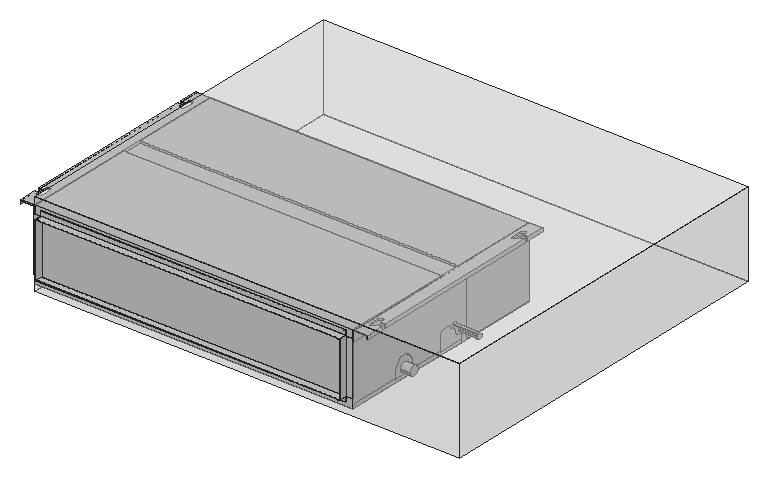
Revit family "outputfile", category 機械設備, Revit 2024
Family settings
  丸型コネクタ寸法 = 半径を使用
  パーツ タイプ = 標準
  OmniClass 番号 = 23.75.10.24.21.27.27
  OmniClass タイトル = Split System Air Conditioning Units
  作業面ベース = いいえ
  常に垂直 = はい
  ロード時にボイドで切り取り = いいえ
  注釈の向きを維持 = いいえ
  共有 = いいえ
  部屋計算ポイント = はい
Parameters (values of type "FDLF60DV1")
  Description = ""
  書き出し IFC クラス(タイプ) = "IfcUnitaryEquipmentType"
  定義済み IFC タイプ(タイプ) = "AIRCONDITIONINGUNIT"
  Cost = 0
  Type Comments = ""
  Keynote = ""
  Type Image = (empty or 0)
  Assembly Code = ""
  switch_frequency = yes
  ld_powersupply = Depth / 2  # 310 mm
  connector_voltage = Voltage_50Hz  # 230 V
  connector_powerinput = [Power Input (Cooling)]  # 0.000 kW
  connector_phase = Phase_50Hz  # 1
  angle_liquidpipe [instance] = if(Right Connection_refrigerant, 90.00°, 270.00°)  # 90.00°
  angle_gaspipe [instance] = if(Right Connection_refrigerant, 90.00°, 270.00°)  # 90.00°
  angle_drainpipe [instance] = if(Right Connection_refrigerant, 90.00°, 270.00°)  # 90.00°
  URL = ""
  Right Connection_refrigerant [instance] = yes
  製造元 = "Daikin"
  モデル = "FDLF60DV1"
  r_Liquid Pipe Size = Liquid Pipe Size / 2  # 3.2 mm
  r_Gas Pipe Size = Gas Pipe Size / 2  # 6.35 mm
  r_Drain Pipe Size = Drain Pipe Size / 2  # 12.5 mm
  lw_powersupply = 50 mm  # constant formula
  lw_ductflange2 = 803 mm
  lw_Width = 860 mm
  lh_suctionflange [instance] = 100 mm  # constant formula
  ld_suctionflange [instance] = if(Rear Connection_Return Air, 190.25 mm, 100.25 mm)  # 190.25 mm
  angle_vertical_RA [instance] = if(Rear Connection_Return Air, 90.00°, 0.00°)  # 90.00°
  angle horizontal_RA [instance] = if(Rear Connection_Return Air, 180.00°, 270.00°)  # 180.00°
  Voltage_comment_50Hz = "220 - 240"
  Voltage_50Hz = 230 V
  Supply Air Direction [instance] = yes
  Sound Power Level_H speed (dB) = 0
  Rear Connection_Return Air [instance] = not(Bottom Connection_Return Air)  # yes
  RA_length [instance] = if(Rear Connection_Return Air, 190.25 mm, 100 mm)  # 190.25 mm
  Phase_50Hz = 1
  Minimum External Static Pressure = 15.00 Pa
  Minimum Circuit Amps_50Hz = 0.0 A
  Maximum Fuse Amps_50Hz = 0.0 A
  Maximum External Static Pressure = 38.00 Pa
  Material_Casing = DAIKIN_GalvanizedSteel_Casing_indoorunit
  lw_liquidpipe = 521 mm
  lw_gaspipe = 508 mm
  lw_mountinghole = 940 mm
  lw_drainpipe = 480 mm
  lh_powersupply = 150 mm  # constant formula
  lh_liquidpipe = 138 mm  # constant formula
  lh_gaspipe = 160 mm  # constant formula
  lh_mountinghole = Height  # 200 mm
  lh_drainpipe = 170 mm  # constant formula
  lh_antena = 1 mm  # constant formula
  ld_liquidpipe = 353 mm  # constant formula
  ld_gaspipe = 375 mm  # constant formula
  ld_mountinghole = 500 mm  # constant formula
  ld_drainpipe = 178 mm  # constant formula
  ld_controlbox = 626 mm  # constant formula
  h*** = 0 mm  # constant formula
  d_dischargeflange = 21.2 mm  # constant formula
  Width = 900 mm
  Version = "ver.1.0"
  Unit Type = "L.S.P. Duct for Living Room"
  Unit Mass Weight = 28.00 kg
  Unit Designation [instance] = ""
  Uniclass2015Version = "Products v1.30"
  Uniclass2015Title = "Split coil room air conditioning units"
  Uniclass2015Code = "Pr_70_65_03_86"
  Total Cooling Capacity [instance] = 0.000 kW
  Sound Pressure Level_M speed (dBA) = 33
  Sound Pressure Level_L speed (dBA) = 30
  Sound Pressure Level_H speed (dBA) = 37
  Series = "SkyAir_Fan Coil Unit"
  Sensible Cooling Capacity [instance] = 0.000 kW
  SA Duct Size Width = 860 mm
  SA Duct Size Height = 153 mm
  Refrigerant Type = "R32"
  RA Duct Size Width = 761 mm
  RA Duct Size Height = 160 mm
  Power Input (Cooling) = 0.000 kW
  Option Accessory 3 [instance] = ""
  Option Accessory 2 [instance] = ""
  Option Accessory 1 [instance] = ""
  Nominal Cooling Capacity = 6.000 kW
  Minimum Airflow = 720.00 m³/h
  Median Airflow = 840.00 m³/h
  Maximum Airflow = 960.00 m³/h
  Load Classification = HVAC
  Liquid Pipe Size = 6.4 mm
  Link_Nested Family [instance] = ""
  Left Connection_refrigerant [instance] = not(Right Connection_refrigerant)  # no
  IfcVersion = ""
  IfcExportType = "AIRCONDITIONINGUNIT"
  IfcExportAs = "IfcUnitaryEquipmentType"
  Height = 200 mm
  Heat Exchanger Type = "Cross Fin Coil"
  Gas Pipe Size = 12.7 mm
  Frequency_50Hz = 50 Hz
  Fan Type = "Sirocco Fan"
  Fan Drive = "Direct Drive"
  FCU Tag No. [instance] = ""
  Drain Pipe Size = 25.0 mm
  Design Supply Airflow [instance] = 0.00 m³/h
  Design Return Airflow [instance] = 0.00 m³/h
  Design External Static Pressure [instance] = 0.00 Pa
  Depth = 620 mm
  既定の高さ = 0 mm
  Cooling Entering Wet Bulb Temperature [instance] = 0.00 °C
  Cooling Entering Dry Bulb Temperature [instance] = 0.00 °C
  Cooling Ambient Wet Bulb Temperature [instance] = 0.00 °C
  Cooling Ambient Dry Bulb Temperature [instance] = 0.00 °C
  Clearance visibility [instance] = yes
  Clearance Top = 20 mm
  Clearance Right = 300 mm
  Clearance Rear = 400 mm
  Clearance Left = 0 mm
  Clearance Front = 0 mm
  Clearance Bottom = 20 mm
  Bottom Connection_Return Air [instance] = no
Reference planes
  plane 1 "Center (Front/Back)": y = 0
  plane 2: z = 0
  plane 3 "Center (Left/Right)": x = 0
  plane 4 "Back": y = 310
  plane 5 "Front": y = -310
  plane 6 "Left": x = -450
  plane 7 "Right": x = 450
  plane 8 "Top": z = 0
  plane 9 "Bottom": z = -200
  plane 10: x = -470
  plane 11: x = 470
  plane 12: y = 250
  plane 13: z = 0
  plane 14 "Clearance Left": x = -450
  plane 15 "Clearance Right": x = 750
  plane 16 "Clearance Rear": y = 710
  plane 17 "Clearance Front": y = -310
  plane 18 "Clearance Top": z = 20
  plane 19 "Clearance Bottom": z = -220
  plane 20: y = -250
  plane 21: z = -21
  plane 22: z = -97.5
  plane 23: x = -48.5
  plane 24: y = 119.75
  plane 25: z = -100
  plane 26: y = 65
  plane 27: z = -160
  plane 28: y = 43
  plane 29: z = -138
  plane 30: y = -132
  plane 31: z = -170
  plane 32: x = 508
  plane 33: x = 521
  plane 34: x = 480
  plane 35: x = 400
  plane 36: z = -150
  plane 37: x = -480
  plane 38: x = -521
  plane 39: x = -508
Forms (mm)
  Extrusion 1, solid, material "DAIKIN_GalvanizedSteel_Casing_indoorunit" <- "Material_Casing"
    sketch origin (0, 0, 0) x (1, 0, 0) y (0, 1, 0)
      loop
        line (-450, -310) -> (450, -310) -> (450, 310) -> (-450, 310) -> (-450, -310)
    from -200 to 0
  Extrusion 2, void
    sketch origin (0, 0, 1) x (1, 0, 0) y (0, 1, 0)
      loop
        line (-450, 61.5) -> (-450, 3.5) -> (450, 3.5) -> (450, 61.5) -> (-450, 61.5)
    from -1 to -7
  Extrusion 3, solid, material "DAIKIN_GalvanizedSteel_Casing_indoorunit" <- "Material_Casing", visible <- "Bottom Connection_Return Air"
    sketch origin (0, 0, 0) x (1, 0, 0) y (0, 0, 1)
      loop
        line (352, -199.25) -> (352, -0.75) -> (-449, -0.75) -> (-449, -199.25) -> (352, -199.25)
    from -310 to -309
  Extrusion 4, solid, material "DAIKIN_GalvanizedSteel_Casing_indoorunit" <- "Material_Casing", visible <- "Rear Connection_Return Air"
    sketch origin (0, 0, 0) x (1, 0, 0) y (0, 1, 0)
      loop
        line (-449, 309) -> (-449, 110.5) -> (352, 110.5) -> (352, 309) -> (-449, 309)
    from -200 to -199
  Extrusion 5, solid, material "DAIKIN_GalvanizedSteel_Casing_indoorunit" <- "Material_Casing", visible <- "Right Connection_refrigerant"
    sketch origin (450, 0, 0) x (0, 1, 0) y (0, 0, 1)
      loop
        circle (65, -160) r 6.35
    from 0 to 58
  Extrusion 6, solid, material "DAIKIN_GalvanizedSteel_Casing_indoorunit" <- "Material_Casing", visible <- "Right Connection_refrigerant"
    sketch origin (450, 0, 0) x (0, 1, 0) y (0, 0, 1)
      loop
        circle (43, -138) r 3.2
    from 0 to 71
  Extrusion 7, solid, material "DAIKIN_GalvanizedSteel_Casing_indoorunit" <- "Material_Casing", visible <- "Right Connection_refrigerant"
    sketch origin (450, 0, 0) x (0, 1, 0) y (0, 0, 1)
      loop
        line (-310, -200) -> (70, -200) -> (70, -190) -> (-310, -190) -> (-310, -200)
    from 0 to -1
  Extrusion 8, solid, material "DAIKIN_GalvanizedSteel_Casing_indoorunit" <- "Material_Casing", visible <- "Right Connection_refrigerant"
    sketch origin (450, 0, 0) x (0, 1, 0) y (0, 0, 1)
      loop
        arc (96, -27.5) -> (93.879, -28.379) -> (93, -30.5) r 3
        line (93, -30.5) -> (93, -194.5)
        arc (93, -194.5) -> (93.879, -196.621) -> (96, -197.5) r 3
        line (96, -197.5) -> (310, -197.5) -> (310, -27.5) -> (96, -27.5)
    from 0 to -1
  Extrusion 9, solid, material "DAIKIN_GalvanizedSteel_Casing_indoorunit" <- "Material_Casing", visible <- "Right Connection_refrigerant"
    sketch origin (450, 0, 0) x (0, 1, 0) y (0, 0, 1)
      loop
        arc (-104, -170) -> (-132, -142) -> (-160, -170) r 28
        line (-160, -170) -> (-160, -190) -> (-104, -190) -> (-104, -170)
    from 0 to -1
  Extrusion 10, solid, material "DAIKIN_GalvanizedSteel_Casing_indoorunit" <- "Material_Casing", visible <- "Right Connection_refrigerant"
    sketch origin (450, 0, 0) x (0, 1, 0) y (0, 0, 1)
      loop
        line (70, -190) -> (70, -174.671)
        arc (70, -174.671) -> (54.678, -171.563) -> (49.857, -156.691) r 15.5
        line (49.857, -156.691) -> (43.472, -150.991)
        arc (43.472, -150.991) -> (34.343, -147.698) -> (30.039, -139) r 13
        line (30.039, -139) -> (2, -139)
        arc (2, -139) -> (-0.121, -139.879) -> (-1, -142) r 3
        line (-1, -142) -> (-1, -190) -> (70, -190)
    from 0 to -1
  Extrusion 11, solid, material "DAIKIN_GalvanizedSteel_Casing_indoorunit" <- "Material_Casing", visible <- "Left Connection_refrigerant"
    sketch origin (-450, 0, 0) x (0, 1, 0) y (0, 0, 1)
      loop
        line (-310, -200) -> (70, -200) -> (70, -190) -> (-310, -190) -> (-310, -200)
    from 0 to -1
  Extrusion 12, solid, material "DAIKIN_GalvanizedSteel_Casing_indoorunit" <- "Material_Casing", visible <- "Left Connection_refrigerant"
    sketch origin (-450, 0, 0) x (0, 1, 0) y (0, 0, 1)
      loop
        arc (96, -27.5) -> (93.879, -28.379) -> (93, -30.5) r 3
        line (93, -30.5) -> (93, -194.5)
        arc (93, -194.5) -> (93.879, -196.621) -> (96, -197.5) r 3
        line (96, -197.5) -> (310, -197.5) -> (310, -27.5) -> (96, -27.5)
    from 0 to -1
  Extrusion 13, solid, material "DAIKIN_GalvanizedSteel_Casing_indoorunit" <- "Material_Casing", visible <- "Left Connection_refrigerant"
    sketch origin (-450, 0, 0) x (0, 1, 0) y (0, 0, 1)
      loop
        arc (-104, -170) -> (-132, -142) -> (-160, -170) r 28
        line (-160, -170) -> (-160, -190) -> (-104, -190) -> (-104, -170)
    from 0 to -1
  Extrusion 14, solid, material "DAIKIN_GalvanizedSteel_Casing_indoorunit" <- "Material_Casing", visible <- "Left Connection_refrigerant"
    sketch origin (-450, 0, 0) x (0, 1, 0) y (0, 0, 1)
      loop
        line (70, -190) -> (70, -174.671)
        arc (70, -174.671) -> (54.678, -171.563) -> (49.857, -156.691) r 15.5
        line (49.857, -156.691) -> (43.472, -150.991)
        arc (43.472, -150.991) -> (34.343, -147.698) -> (30.039, -139) r 13
        line (30.039, -139) -> (2, -139)
        arc (2, -139) -> (-0.121, -139.879) -> (-1, -142) r 3
        line (-1, -142) -> (-1, -190) -> (70, -190)
    from 0 to -1
  Extrusion 15, solid, material "DAIKIN_GalvanizedSteel_Casing_indoorunit" <- "Material_Casing", visible <- "Left Connection_refrigerant"
    sketch origin (-450, 0, 0) x (0, 1, 0) y (0, 0, 1)
      loop
        circle (43, -138) r 3.2
    from -71 to 0
  Extrusion 16, solid, material "DAIKIN_GalvanizedSteel_Casing_indoorunit" <- "Material_Casing", visible <- "Left Connection_refrigerant"
    sketch origin (-450, 0, 0) x (0, 1, 0) y (0, 0, 1)
      loop
        circle (65, -160) r 6.35
    from -58 to 0
  Extrusion 17, solid, material "DAIKIN_GalvanizedSteel_Casing_indoorunit" <- "Material_Casing", visible <- "Left Connection_refrigerant"
    sketch origin (-450, 0, 0) x (0, 1, 0) y (0, 0, 1)
      loop
        circle (-132, -170) r 12.5
    from -30 to 0
  Extrusion 18, solid, material "DAIKIN_GalvanizedSteel_Casing_indoorunit" <- "Material_Casing", visible <- "Right Connection_refrigerant"
    sketch origin (450, 0, 0) x (0, 1, 0) y (0, 0, 1)
      loop
        circle (-132, -170) r 12.5
    from 0 to 30
Cuts and joins
  Extrusion 2 cuts Extrusion 1
Dimensions and locks
  "Height": plane 8 "Top" to plane 9 "Bottom"
  equal spacing: plane 10, plane 3 "Center (Left/Right)", plane 11
  "lw_mountinghole": plane 10 to plane 11
  equal spacing: plane 6 "Left", plane 3 "Center (Left/Right)", plane 7 "Right"
  "Width": plane 6 "Left" to plane 7 "Right"
  "Clearance Right": plane 7 "Right" to plane 15 "Clearance Right"
  "Clearance Left": plane 14 "Clearance Left" to plane 6 "Left"
  "Clearance Rear": plane 16 "Clearance Rear" to plane 4 "Back"
  "Clearance Front": plane 5 "Front" to plane 17 "Clearance Front"
  "Clearance Top": plane 18 "Clearance Top" to plane 8 "Top"
  "Clearance Bottom": plane 9 "Bottom" to plane 19 "Clearance Bottom"
  "Depth": plane 4 "Back" to plane 5 "Front"
  equal spacing: plane 4 "Back", plane 1 "Center (Front/Back)", plane 5 "Front"
  Extrusion 3 sketch curve to Extrusion 3 sketch curve = 198.5 mm
  locked: plane 20 to plane 5 "Front" at 60
  "ld_mountinghole": plane 12 to plane 20
  locked: plane 8 "Top" to plane 21 at 21
  locked: plane 23 to plane 3 "Center (Left/Right)" at 48.5
  "ld_suctionflange": plane 4 "Back" to plane 24
  "lh_suctionflange": plane 8 "Top" to plane 25
  "ld_gaspipe": plane 26 to plane 5 "Front"
  "lh_gaspipe": plane 8 "Top" to plane 27
  "ld_liquidpipe": plane 28 to plane 5 "Front"
  "lh_liquidpipe": plane 8 "Top" to plane 29
  "ld_drainpipe": plane 30 to plane 5 "Front"
  "lh_drainpipe": plane 8 "Top" to plane 31
  "lw_powersupply": plane 35 to plane 7 "Right"
  "lh_powersupply": plane 8 "Top" to plane 36
  "lw_gaspipe": plane 3 "Center (Left/Right)" to plane 32
  "lw_liquidpipe": plane 3 "Center (Left/Right)" to plane 33
  "lw_drainpipe": plane 3 "Center (Left/Right)" to plane 34
  "lw_liquidpipe": plane 38 to plane 3 "Center (Left/Right)"
  "lw_gaspipe": plane 39 to plane 3 "Center (Left/Right)"
  "lw_drainpipe": plane 37 to plane 3 "Center (Left/Right)"
  "r_Gas Pipe Size": radius of Extrusion 5 sketch curve
  "r_Liquid Pipe Size": radius of Extrusion 6 sketch curve
  "r_Liquid Pipe Size": radius of Extrusion 15 sketch curve
  "r_Gas Pipe Size": radius of Extrusion 16 sketch curve
  "r_Drain Pipe Size": radius of Extrusion 17 sketch curve
  "r_Drain Pipe Size": radius of Extrusion 18 sketch curve
  aligned and locked: level to plane 2
  aligned and locked: Extrusion 1 to plane 9 "Bottom"
  aligned and locked: plane 8 "Top" to Extrusion 1
  aligned and locked: plane 11 to nested 2
  aligned and locked: plane 10 to nested 3
  aligned and locked: plane 10 to nested 4
  aligned and locked: plane 8 "Top" to Extrusion 2
  aligned and locked: plane 9 "Bottom" to Extrusion 4  (x2)
  aligned and locked: plane 7 "Right" to cut or joined group of Extrusion 1, Extrusion 2  (x2)
  aligned and locked: plane 3 "Center (Left/Right)" to nested 9
  aligned and locked: plane 6 "Left" to nested 7
  aligned and locked: plane 8 "Top" to nested 9
  aligned and locked: plane 11 to nested 1
  aligned and locked: nested 6 to plane 1 "Center (Front/Back)"
  aligned and locked: plane 3 "Center (Left/Right)" to nested 6
  aligned and locked: level to plane 8 "Top"
  aligned and locked: plane 1 "Center (Front/Back)" to nested 9
  aligned and locked: plane 5 "Front" to nested 10
  aligned and locked: Extrusion 1 sketch curve to plane 5 "Front"
  aligned and locked: plane 21 to nested 10
  aligned and locked: nested 5 to plane 5 "Front"
  aligned and locked: plane 3 "Center (Left/Right)" to nested 5
  aligned and locked: plane 22 to nested 5
  aligned and locked: Extrusion 2 sketch curve to plane 6 "Left"
  aligned and locked: plane 7 "Right" to Extrusion 2 sketch curve
  aligned and locked: nested 11 to plane 23
  aligned and locked: nested 11 to plane 24
  aligned and locked: plane 27 to Extrusion 5 sketch curve
  aligned and locked: plane 26 to Extrusion 5 sketch curve
  aligned and locked: plane 28 to Extrusion 6 sketch curve
  aligned and locked: plane 29 to Extrusion 6 sketch curve
  aligned and locked: plane 32 to Extrusion 5
  aligned and locked: plane 33 to Extrusion 6
  aligned and locked: Extrusion 7 sketch curve to plane 9 "Bottom"
  aligned and locked: Extrusion 7 sketch curve to plane 5 "Front"
  aligned and locked: plane 14 "Clearance Left" to nested 12
  aligned and locked: plane 15 "Clearance Right" to nested 12
  aligned and locked: plane 16 "Clearance Rear" to nested 12
  aligned and locked: nested 12 to plane 17 "Clearance Front"
  aligned and locked: nested 12 to plane 18 "Clearance Top"
  aligned and locked: nested 12 to plane 19 "Clearance Bottom"
  aligned and locked: nested 13 to plane 35
  aligned and locked: nested 13 to plane 36
  aligned and locked: plane 4 "Back" to nested 13
  aligned and locked: nested 14 to plane 26
  aligned and locked: plane 3 "Center (Left/Right)" to nested 14
  aligned and locked: nested 14 to plane 27
  aligned and locked: nested 15 to plane 28
  aligned and locked: plane 3 "Center (Left/Right)" to nested 15
  aligned and locked: nested 15 to plane 29
  aligned and locked: nested 16 to plane 30
  aligned and locked: plane 3 "Center (Left/Right)" to nested 16
  aligned and locked: nested 16 to plane 31
  aligned and locked: plane 29 to Extrusion 15 sketch curve
  aligned and locked: plane 28 to Extrusion 15 sketch curve
  aligned and locked: Extrusion 15 to plane 38
  aligned and locked: plane 6 "Left" to Extrusion 15
  aligned and locked: plane 26 to Extrusion 16 sketch curve
  aligned and locked: plane 27 to Extrusion 16 sketch curve
  aligned and locked: Extrusion 16 to plane 39
  aligned and locked: plane 6 "Left" to Extrusion 16
  aligned and locked: plane 30 to Extrusion 17 sketch curve
  aligned and locked: Extrusion 17 to plane 37
  aligned and locked: plane 6 "Left" to Extrusion 17
  aligned and locked: Extrusion 5 to plane 7 "Right"
  aligned and locked: Extrusion 6 to plane 7 "Right"
  aligned and locked: plane 30 to Extrusion 18 sketch curve
  aligned and locked: plane 31 to Extrusion 18 sketch curve
  aligned and locked: plane 34 to Extrusion 18
  aligned and locked: Extrusion 18 to plane 7 "Right"
Automatic sketch dimensions
  Extrusion 1 sketch curve to plane 4 "Back" = 0 mm
  Extrusion 1 sketch curve to plane 6 "Left" = 0 mm
  Extrusion 1 sketch curve to plane 7 "Right" = 0 mm
  Extrusion 2 sketch curve to plane 1 "Center (Front/Back)" = 3.5 mm
  Extrusion 2 sketch curve to plane 26 = 3.5 mm
  plane 9 "Bottom" to Extrusion 3 sketch curve = 0.75 mm
  plane 6 "Left" to Extrusion 3 sketch curve = 1 mm
  Extrusion 3 sketch curve to plane 35 = 48 mm
  Extrusion 4 sketch curve to plane 4 "Back" = 1 mm
  plane 6 "Left" to Extrusion 4 sketch curve = 1 mm
  Extrusion 4 sketch curve to plane 35 = 48 mm
  Extrusion 4 sketch curve to plane 24 = 9.25 mm
  plane 26 to Extrusion 7 sketch curve = 5 mm
  Extrusion 7 sketch curve to Extrusion 7 sketch curve = 10 mm
  Extrusion 8 sketch curve to plane 21 = 9.5 mm
  Extrusion 8 sketch curve to plane 24 = 23.75 mm  (x2)
  plane 9 "Bottom" to Extrusion 8 sketch curve = 5.5 mm
  Extrusion 8 sketch curve to Extrusion 8 sketch curve = 3 mm
  Extrusion 9 sketch curve to plane 31 = 0 mm
  Extrusion 9 sketch curve to plane 30 = 0 mm
  plane 9 "Bottom" to Extrusion 9 sketch curve = 10 mm
  Extrusion 9 sketch curve to plane 30 = 28 mm
  Extrusion 10 sketch curve to plane 28 = 0 mm
  Extrusion 10 sketch curve to plane 26 = 0 mm
  Extrusion 10 sketch curve to plane 27 = 0 mm
  Extrusion 10 sketch curve to plane 29 = 0 mm
  Extrusion 10 sketch curve to plane 29 = 1 mm
  Extrusion 10 sketch curve to plane 28 = 12.961 mm
  Extrusion 10 sketch curve to plane 1 "Center (Front/Back)" = 2 mm
  plane 1 "Center (Front/Back)" to Extrusion 10 sketch curve = 1 mm
  plane 28 to Extrusion 10 sketch curve = 0.472 mm
  plane 27 to Extrusion 10 sketch curve = 3.309 mm
  plane 28 to Extrusion 10 sketch curve = 6.857 mm
  plane 26 to Extrusion 10 sketch curve = 5 mm
  plane 9 "Bottom" to Extrusion 10 sketch curve = 10 mm
  Extrusion 8 sketch curve to plane 4 "Back" = 0 mm
  Extrusion 17 sketch curve to plane 31 = 0 mm
  Extrusion 12 sketch curve to plane 4 "Back" = 0 mm
  plane 9 "Bottom" to Extrusion 12 sketch curve = 5.5 mm
  Extrusion 12 sketch curve to plane 24 = 23.75 mm  (x2)
  Extrusion 12 sketch curve to plane 21 = 6.5 mm
  Extrusion 12 sketch curve to Extrusion 12 sketch curve = 3 mm
  Extrusion 14 sketch curve to plane 28 = 0 mm
  Extrusion 14 sketch curve to plane 26 = 0 mm
  Extrusion 14 sketch curve to plane 27 = 0 mm
  Extrusion 14 sketch curve to plane 29 = 0 mm
  Extrusion 14 sketch curve to plane 29 = 1 mm
  Extrusion 14 sketch curve to plane 28 = 12.961 mm
  Extrusion 14 sketch curve to plane 1 "Center (Front/Back)" = 2 mm
  plane 1 "Center (Front/Back)" to Extrusion 14 sketch curve = 1 mm
  plane 28 to Extrusion 14 sketch curve = 0.472 mm
  plane 27 to Extrusion 14 sketch curve = 3.309 mm
  plane 28 to Extrusion 14 sketch curve = 6.857 mm
  plane 26 to Extrusion 14 sketch curve = 5 mm
  plane 9 "Bottom" to Extrusion 14 sketch curve = 10 mm
  Extrusion 11 sketch curve to plane 5 "Front" = 0 mm
  Extrusion 11 sketch curve to plane 9 "Bottom" = 0 mm
  plane 26 to Extrusion 11 sketch curve = 5 mm
  Extrusion 11 sketch curve to Extrusion 11 sketch curve = 10 mm
  Extrusion 13 sketch curve to plane 31 = 0 mm
  Extrusion 13 sketch curve to plane 30 = 0 mm
  plane 9 "Bottom" to Extrusion 13 sketch curve = 10 mm
  Extrusion 13 sketch curve to plane 30 = 28 mm
Nested families
  nested 1: "daikin_mountinghole" at (470, 250, -200), l_antenna <- "lh_antena", Link_Nested Family <- "Link_Nested Family", h_mountinghole <- "lh_mountinghole", type "daikin_mountinghole"
    with show yes, l_antenna 1 mm, h_mountinghole 200 mm, Link_Nested Family ""
  nested 2: "daikin_mountinghole" at (470, -250, -200), Link_Nested Family <- "Link_Nested Family", l_antenna <- "lh_antena", h_mountinghole <- "lh_mountinghole", type "daikin_mountinghole"
    with show yes, l_antenna 1 mm, h_mountinghole 200 mm, Link_Nested Family ""
  nested 3: "daikin_mountinghole" at (-470, -250, -200), l_antenna <- "lh_antena", Link_Nested Family <- "Link_Nested Family", h_mountinghole <- "lh_mountinghole", type "daikin_mountinghole"
    with show yes, l_antenna 1 mm, h_mountinghole 200 mm, Link_Nested Family ""
  nested 4: "daikin_mountinghole" at (-470, 250, -200), l_antenna <- "lh_antena", Link_Nested Family <- "Link_Nested Family", h_mountinghole <- "lh_mountinghole", type "daikin_mountinghole"
    with show yes, l_antenna 1 mm, h_mountinghole 200 mm, Link_Nested Family ""
  nested 5: "daikin_connector_rotate2" at (0, -310, -97.5), length <- "d_dischargeflange", type "daikin_connector_rotate2"
    with radius 10 mm, length 21.2 mm, angle_vertical 90.00°, show_face no
  nested 6: "daikin_△_symbolicline" at (-75, -129.904, 200) x (-0.5, 0.866, 0) z (0, 0, 1), built-in parameter 1001364 <- "Height", visible <- "Supply Air Direction", type "daikin_△_symbolicline"
    with length 300 mm
  nested 7: "daikin_ductflange_FDLF-DV1_1" at (-48.5, 310, -100), visible <- "Rear Connection_Return Air", material <- "Material_Casing", width <- "lw_ductflange2", type "daikin_ductflange_FDLF-DV1_1"
    with width 803 mm, material DAIKIN_GalvanizedSteel_Casing_indoorunit, height 180 mm, depth 21.2 mm
  nested 8: "daikin_ductflange_FDLF-DV1_1" at (-48.5, 209.75, -200) x (1, 0, 0) z (0, 1, 0), visible <- "Bottom Connection_Return Air", material <- "Material_Casing", width <- "lw_ductflange2", type "daikin_ductflange_FDLF-DV1_1"
    with width 803 mm, material DAIKIN_GalvanizedSteel_Casing_indoorunit, height 180 mm, depth 21.2 mm
  nested 9: "daikin_hangerfixture_FDLF-DV1" at (0, 0, 0), type "daikin_hangerfixture_FDLF-DV1"
  nested 10: "daikin_ductflange_FDLF-DV1" at (0, 3.5, -364.201), width <- "lw_Width", material <- "Material_Casing", type "daikin_ductflange_FDLF-DV1"
    with width 860 mm, material DAIKIN_GalvanizedSteel_Casing_indoorunit, height 155 mm, depth 21.2 mm
  nested 11: "daikin_connector_rotate3" at (-48.5, 119.75, -100), length <- "RA_length", angle_vertical <- "angle_vertical_RA", angle_horizontal <- "angle horizontal_RA", type "daikin_connector_rotate3"
    with show no, radius 10 mm, length 190.25 mm, angle_vertical 90.00°, angle_horizontal 180.00°
  nested 12: "daikin_clearancespace" at (150, 200, -99.881), visible <- "Clearance visibility", Link_Nested Family <- "Link_Nested Family", show <- "Clearance visibility", type "daikin_clearancespace"
    with width 1200 mm, show yes, height 240 mm, depth 1020 mm, Link_Nested Family ""
  nested 13: "daikin_connector_rotate2" at (400, 0, -150) x (-1, 0, 0) z (0, 0, 1), length <- "ld_powersupply", type "daikin_connector_rotate2"
    with radius 10 mm, length 310 mm, angle_vertical 90.00°, show_face no
  nested 14: "daikin_connector_rotate3" at (0, 65, -160), angle_vertical <- "angle_gaspipe", radius <- "r_Gas Pipe Size", length <- "lw_gaspipe", type "daikin_connector_rotate3"
    with show no, radius 6.35 mm, length 508 mm, angle_vertical 90.00°, angle_horizontal 90.00°
  nested 15: "daikin_connector_rotate3" at (0, 43, -138), angle_vertical <- "angle_liquidpipe", length <- "lw_liquidpipe", radius <- "r_Liquid Pipe Size", type "daikin_connector_rotate3"
    with show no, radius 3.2 mm, length 521 mm, angle_vertical 90.00°, angle_horizontal 90.00°
  nested 16: "daikin_connector_rotate3" at (0, -132, -170), angle_vertical <- "angle_drainpipe", length <- "lw_drainpipe", radius <- "r_Drain Pipe Size", type "daikin_connector_rotate3"
    with show no, radius 12.5 mm, length 480 mm, angle_vertical 90.00°, angle_horizontal 90.00°
Connectors
  hvac at (0, -331.2, -97.5), driven by "SA Duct Size Height", driven by "SA Duct Size Width"
    settings: on nested 5, index 1, duct flow 0.00 m³/h, flow factor 0, pres drop 0.00 Pa, loss coef 0, conn angle 0.00°, conn width 860.0 mm, conn height 153.0 mm, conn diameter 609.6 mm, duct sys type 1, conn prof type 1, flow config 0, flow direction 2, loss method 4, conn ref index -1, conn util no, is conn primary yes, conn desc "SA Duct"
  hvac at (-48.5, 310, -100), driven by "RA Duct Size Height", driven by "RA Duct Size Width"
    settings: on nested 11, index 2, duct flow 0.00 m³/h, flow factor 0, pres drop 0.00 Pa, loss coef 0, conn angle 0.00°, conn width 761.0 mm, conn height 160.0 mm, conn diameter 609.6 mm, duct sys type 2, conn prof type 1, flow config 0, flow direction 1, loss method 4, conn ref index -1, conn util no, is conn primary no, conn desc "RA Duct"
  electrical at (400, 310, -150), driven by "Load Classification", driven by "connector_phase", driven by "connector_powerinput", driven by "connector_voltage"
    settings: on nested 13, index 6, voltage 230 V, apparent load 0 VA, apparent load phase1 0 VA, apparent load phase2 0 VA, apparent load phase3 0 VA, power factor 1, load classification "HVAC", number of poles 1, system type 30, power factor state 1, is connector primary yes, connector utility no, sub classification motor no, connector description "Power Supply"
  piping at (508, 65, -160), diameter 12.7, driven by "r_Gas Pipe Size"
    settings: on nested 14, index 7, connector inside diameter 609.6 mm, connector length 0 mm, flow factor 0, pipe flow 0.00 m³/h, pressure drop 0.0 Pa, fitting loss kfactor 0, connector angle 0.00°, fixture units 0, engagement length 0 mm, angle of deflection 0.00°, flow configuration 1, flow direction 2, fitting loss method 0, system type 29, joint type 0, gender type 0, connector reference index -1, connector utility 0, adjustable connector no, is connector primary yes, connector description "Refrigerant Gas Piping"
  piping at (521, 43, -138), diameter 6.4, driven by "r_Liquid Pipe Size"
    settings: on nested 15, index 8, connector inside diameter 609.6 mm, connector length 0 mm, flow factor 0, pipe flow 0.00 m³/h, pressure drop 0.0 Pa, fitting loss kfactor 0, connector angle 0.00°, fixture units 0, engagement length 0 mm, angle of deflection 0.00°, flow configuration 1, flow direction 1, fitting loss method 0, system type 29, joint type 0, gender type 0, connector reference index -1, connector utility 0, adjustable connector no, is connector primary no, connector description "Refrigerant Liquid Piping"
  piping at (480, -132, -170), diameter 25, driven by "r_Drain Pipe Size"
    settings: on nested 16, index 9, connector inside diameter 609.6 mm, connector length 0 mm, flow factor 0, pipe flow 0.00 m³/h, pressure drop 0.0 Pa, fitting loss kfactor 0, connector angle 0.00°, fixture units 0, engagement length 0 mm, angle of deflection 0.00°, flow configuration 1, flow direction 2, fitting loss method 4, system type 16, joint type 0, gender type 0, connector reference index -1, connector utility 0, adjustable connector no, is connector primary no, connector description "Condensate Drain Piping"
Definition of nested family "daikin_ductflange_FDLF-DV1_1"
  Parameters (values of type "daikin_ductflange_FDLF-DV1_1")
    width [instance] = 620 mm
    material [instance] = none
    height [instance] = 180 mm
    depth [instance] = 21.2 mm
    Default Elevation = 0 mm
  Reference planes
    plane 1 "Center (Front/Back)": y = 0
    plane 2: z = 0
    plane 3 "Center (Left/Right)": x = 0
    plane 4: x = -310
    plane 5: x = 310
    plane 6: z = 90
    plane 7: z = -90
    plane 8: z = 100.25
    plane 9: z = -100.25
    plane 10: x = -309
    plane 11: x = 309
  Forms (mm)
    Extrusion 1, solid, material <- "material"
      sketch origin (0, 0, 0) x (1, 0, 0) y (0, 0, 1)
        loop
          line (-300.5, 90) -> (-300.5, -90) -> (300.5, -90) -> (300.5, 90) -> (-300.5, 90)
        loop
          line (-309, -99.25) -> (309, -99.25) -> (309, 99.25) -> (-309, 99.25) -> (-309, -99.25)
      from 0 to 1
  Dimensions and locks
    equal spacing: plane 5, plane 3 "Center (Left/Right)", plane 4, locked at 310 each
    "width": plane 5 to plane 4
    equal spacing: plane 6, level, plane 7, locked at 90 each
    "height": plane 6 to plane 7
    equal spacing: plane 8, level, plane 9
    plane 10 to plane 4 = 1 mm
    locked: plane 5 to plane 11 at 1
    locked: Extrusion 1 sketch curve to Extrusion 1 sketch curve at 8.5  (x2)
    plane 8 to Extrusion 1 sketch curve = 1 mm
    locked: Extrusion 1 sketch curve to plane 9 at 1
    locked: plane 8 to plane 9 at 200.5
    aligned and locked: level to plane 2
    aligned and locked: Extrusion 1 sketch curve to plane 6
    aligned and locked: plane 7 to Extrusion 1 sketch curve
  Automatic sketch dimensions
    plane 4 to Extrusion 1 sketch curve = 1 mm
    Extrusion 1 sketch curve to plane 5 = 1 mm
Definition of nested family "daikin_hangerfixture_FDLF-DV1"
  Parameters (values of type "daikin_hangerfixture_FDLF-DV1")
    width = 900 mm
    material = none
    height = 30 mm
    depth = 620 mm
    Default Elevation = 0 mm
  Reference planes
    plane 1 "Center (Front/Back)": y = 0
    plane 2: z = 0
    plane 3 "Center (Left/Right)": x = 0
    plane 4: x = 450
    plane 5: y = 310
    plane 6: y = -310
    plane 7: x = -450
    plane 8: z = -30
  Forms (mm)
    Extrusion 1, solid, material <- "material"
      sketch origin (0, 0, 0) x (1, 0, 0) y (0, 0, 1)
        loop
          line (450, 0) -> (450, -30) -> (452.3, -30) -> (452.3, -2.3) -> (487.7, -2.3) -> (487.7, -10) -> (490, -10) -> (490, 0) -> (450, 0)
      from -310 to 310
    Extrusion 2, void
      sketch origin (0, 0, 0) x (0, 1, 0) y (0, 0, 1)
        loop
          line (310, -30) -> (310, -17.979) -> (87.935, -17.979) -> (75.914, -30) -> (310, -30)
      from -786.78 to 600.701
    Extrusion 3, void
      sketch origin (0, 0, 0) x (1, 0, 0) y (0, 1, 0)
        loop
          line (490, -244.5) -> (477, -244.5) -> (477, -238)
          arc (477, -238) -> (470, -231) -> (463, -238) r 7
          line (463, -238) -> (463, -264)
          arc (463, -264) -> (470, -271) -> (477, -264) r 7
          line (477, -264) -> (477, -257.5) -> (490, -257.5) -> (490, -244.5)
        loop
          line (490, 244.5) -> (490, 257.5) -> (477, 257.5) -> (477, 264)
          arc (477, 264) -> (470, 271) -> (463, 264) r 7
          line (463, 264) -> (463, 238)
          arc (463, 238) -> (470, 231) -> (477, 238) r 7
          line (477, 238) -> (477, 244.5) -> (490, 244.5)
      from -254.96 to 618
    Extrusion 4, solid, material <- "material"
      sketch origin (0, 0, 0) x (-1, 0, 0) y (0, 0, -1)
        loop
          line (450, 0) -> (490, 0) -> (490, 10) -> (487.7, 10) -> (487.7, 2.3) -> (452.3, 2.3) -> (452.3, 30) -> (450, 30) -> (450, 0)
      from -310 to 310
    Extrusion 5, void
      sketch origin (0, 0, 0) x (-1, 0, 0) y (0, -1, 0)
        loop
          line (490, 244.5) -> (490, 257.5) -> (477, 257.5) -> (477, 264)
          arc (477, 264) -> (470, 271) -> (463, 264) r 7
          line (463, 264) -> (463, 238)
          arc (463, 238) -> (470, 231) -> (477, 238) r 7
          line (477, 238) -> (477, 244.5) -> (490, 244.5)
        loop
          line (490, -244.5) -> (477, -244.5) -> (477, -238)
          arc (477, -238) -> (470, -231) -> (463, -238) r 7
          line (463, -238) -> (463, -264)
          arc (463, -264) -> (470, -271) -> (477, -264) r 7
          line (477, -264) -> (477, -257.5) -> (490, -257.5) -> (490, -244.5)
      from -254.96 to 618
  Cuts and joins
    Extrusion 2, Extrusion 3, Extrusion 5 cuts Extrusion 1
    Extrusion 2, Extrusion 5 cuts Extrusion 4
  Dimensions and locks
    equal spacing: plane 5, plane 1 "Center (Front/Back)", plane 6
    "depth": plane 5 to plane 6
    plane 6 to plane 1 "Center (Front/Back)" to plane 5 = 310 mm, 310 mm
    equal spacing: plane 4, plane 3 "Center (Left/Right)", plane 7
    "width": plane 4 to plane 7
    "height": level to plane 8
    aligned and locked: level to plane 2
    aligned and locked: plane 5 to Extrusion 1
    aligned and locked: Extrusion 1 to plane 6
    aligned and locked: Extrusion 1 to plane 4
    aligned and locked: plane 5 to cut or joined group of Extrusion 1, Extrusion 2, Extrusion 3, Extrusion 5
    aligned and locked: cut or joined group of Extrusion 1, Extrusion 2, Extrusion 3, Extrusion 5 to plane 6
    aligned and locked: level to cut or joined group of Extrusion 1, Extrusion 2, Extrusion 3, Extrusion 5
    aligned and locked: cut or joined group of Extrusion 1, Extrusion 2, Extrusion 3, Extrusion 5 to plane 8
    aligned and locked: plane 5 to cut or joined group of Extrusion 2, Extrusion 4, Extrusion 5
    aligned and locked: cut or joined group of Extrusion 2, Extrusion 4, Extrusion 5 to plane 6
  Automatic sketch dimensions
    Extrusion 1 sketch curve to plane 4 = 0 mm
    Extrusion 1 sketch curve to plane 8 = 0 mm
    Extrusion 1 sketch curve to level = 0 mm
    plane 4 to Extrusion 1 sketch curve = 2.3 mm
    Extrusion 1 sketch curve to level = 2.3 mm
    Extrusion 1 sketch curve to Extrusion 1 sketch curve = 35.4 mm
    Extrusion 1 sketch curve to Extrusion 1 sketch curve = 2.3 mm
    Extrusion 1 sketch curve to Extrusion 1 sketch curve = 7.7 mm
    Extrusion 2 sketch curve to plane 8 = 0 mm
    Extrusion 2 sketch curve to plane 5 = 0 mm
    plane 8 to Extrusion 2 sketch curve = 12.021 mm
    Extrusion 2 sketch curve to plane 1 "Center (Front/Back)" = 87.935 mm
    Extrusion 2 sketch curve to Extrusion 2 sketch curve = 12.021 mm
    plane 4 to Extrusion 3 sketch curve = 13 mm  (x2)
    Extrusion 3 sketch curve to Extrusion 3 sketch curve = 7 mm  (x4)
    Extrusion 3 sketch curve to Extrusion 3 sketch curve = 13 mm  (x4)
    plane 6 to Extrusion 3 sketch curve = 46 mm
    Extrusion 3 sketch curve to Extrusion 3 sketch curve = 6.5 mm  (x4)
    Extrusion 3 sketch curve to plane 5 = 72 mm
    Extrusion 4 sketch curve to plane 7 = 0 mm
    Extrusion 4 sketch curve to plane 8 = 0 mm
    Extrusion 4 sketch curve to level = 0 mm
    Extrusion 4 sketch curve to plane 7 = 2.3 mm
    Extrusion 4 sketch curve to level = 2.3 mm
    Extrusion 4 sketch curve to Extrusion 4 sketch curve = 35.4 mm
    Extrusion 4 sketch curve to Extrusion 4 sketch curve = 2.3 mm
    Extrusion 4 sketch curve to Extrusion 4 sketch curve = 7.7 mm
    Extrusion 5 sketch curve to plane 7 = 13 mm  (x2)
    Extrusion 5 sketch curve to Extrusion 5 sketch curve = 7 mm  (x4)
    Extrusion 5 sketch curve to Extrusion 5 sketch curve = 13 mm  (x4)
    Extrusion 5 sketch curve to plane 5 = 46 mm
    Extrusion 5 sketch curve to Extrusion 5 sketch curve = 6.5 mm  (x4)
    plane 6 to Extrusion 5 sketch curve = 72 mm
Definition of nested family "daikin_ductflange_FDLF-DV1"
  Parameters (values of type "daikin_ductflange_FXDQ-NDVET")
    width [instance] = 660 mm
    material [instance] = none
    height [instance] = 155 mm
    depth [instance] = 21.2 mm
    Default Elevation = 0 mm
  Reference planes
    plane 1 "Center (Front/Back)": y = 0
    plane 2: z = 189.201
    plane 3 "Center (Left/Right)": x = 0
    plane 4: y = -313.5
    plane 5: x = -330
    plane 6: x = 330
    plane 7: y = -334.7
    plane 8: z = 344.201
    plane 9: z = 266.701
    plane 10: z = 343.201
    plane 11: z = 190.201
  Forms (mm)
    Extrusion 1, solid, material <- "material"
      sketch origin (0, 0, 189.201) x (1, 0, 0) y (0, 1, 0)
        loop
          line (-330, -334.7) -> (-330, -313.5) -> (-350, -313.5) -> (-350, -314.5) -> (-331, -314.5) -> (-331, -334.7) -> (-330, -334.7)
        loop
          line (330, -334.7) -> (331, -334.7) -> (331, -314.5) -> (350, -314.5) -> (350, -313.5) -> (330, -313.5) -> (330, -334.7)
      from 1 to 154
    Extrusion 2, solid, material <- "material"
      sketch origin (0, 0, 0) x (0, 1, 0) y (0, 0, 1)
        loop
          line (-313.5, 343.201) -> (-313.5, 358.201) -> (-314.5, 358.201) -> (-314.5, 344.201) -> (-334.7, 344.201) -> (-334.7, 343.201) -> (-313.5, 343.201)
        loop
          line (-313.5, 190.201) -> (-334.7, 190.201) -> (-334.7, 189.201) -> (-314.5, 189.201) -> (-314.5, 175.201) -> (-313.5, 175.201) -> (-313.5, 190.201)
      from -330 to 330
  Dimensions and locks
    plane 4 to plane 1 "Center (Front/Back)" = 313.5 mm
    "depth": plane 7 to plane 4
    equal spacing: plane 8, plane 9, level
    "height": plane 8 to level
    equal spacing: plane 6, plane 3 "Center (Left/Right)", plane 5
    "width": plane 6 to plane 5
    locked: plane 8 to plane 10 at 1
    locked: plane 11 to level at 1
    locked: Extrusion 1 to Extrusion 2 sketch curve at 1
    locked: Extrusion 2 sketch curve to Extrusion 1 at 1
    plane 10 to plane 11 = 153 mm
    aligned and locked: level to plane 2
    aligned and locked: Extrusion 2 to plane 5
    aligned and locked: Extrusion 2 to plane 11
    aligned and locked: Extrusion 2 to plane 10
    aligned and locked: plane 6 to Extrusion 2
    aligned and locked: plane 5 to Extrusion 2  (x2)
    aligned and locked: plane 5 to Extrusion 1  (x2)
    aligned and locked: Extrusion 1 to plane 6
    aligned and locked: plane 6 to Extrusion 1
    aligned and locked: Extrusion 1 to plane 10
  Automatic sketch dimensions
    Extrusion 2 sketch curve to plane 7 = 0 mm  (x2)
    Extrusion 2 sketch curve to plane 4 = 0 mm  (x2)
    Extrusion 2 sketch curve to plane 11 = 0 mm
    Extrusion 2 sketch curve to plane 10 = 0 mm
    Extrusion 2 sketch curve to plane 4 = 1 mm  (x2)
    Extrusion 2 sketch curve to level = 14 mm
    plane 8 to Extrusion 2 sketch curve = 14 mm
    Extrusion 1 sketch curve to plane 4 = 0 mm  (x2)
    Extrusion 1 sketch curve to plane 7 = 0 mm  (x2)
    Extrusion 1 sketch curve to plane 5 = 0 mm
    Extrusion 1 sketch curve to plane 6 = 0 mm
    Extrusion 1 sketch curve to plane 5 = 1 mm
    Extrusion 1 sketch curve to Extrusion 1 sketch curve = 19 mm  (x2)
    Extrusion 1 sketch curve to Extrusion 1 sketch curve = 1 mm
    Extrusion 1 sketch curve to plane 4 = 1 mm  (x2)
Definition of nested family "daikin_clearancespace"
  Parameters (values of type "daikin_clearancespace")
    Description = "daikin_clearancespace"
    width [instance] = 1823.963 mm
    show [instance] = yes
    material = none
    height [instance] = 1359.762 mm
    depth [instance] = 880 mm
    Default Elevation = 0 mm
    Link_Nested Family [instance] = ""
  Reference planes
    plane 1 "Center (Front/Back)": y = 0
    plane 2 "Center (Elevation)": z = -0.119
    plane 3 "Center (Left/Right)": x = 0
    plane 4: y = 440
    plane 5: y = -440
    plane 6 "Right": x = 911.982
    plane 7 "Left": x = -911.982
    plane 8 "Top": z = 679.762
    plane 9 "Bottom": z = -680
  Forms (mm)
    Extrusion 1, solid, material <- "material", visible <- "show"
      sketch origin (0, 0, 0) x (1, 0, 0) y (0, 1, 0)
        loop
          line (-911.982, 440) -> (-911.982, -440) -> (911.982, -440) -> (911.982, 440) -> (-911.982, 440)
      from -680 to 679.762
  Lines and regions (mm)
    symbolic lines, visible <- "show"
      curve 1: line (911.982, 440, 0) -> (-911.982, 440, 0)
      curve 2: line (-911.982, 440, 0) -> (-911.982, -440, 0)
      curve 3: line (-911.982, -440, 0) -> (911.982, -440, 0)
      curve 4: line (911.982, -440, 0) -> (911.982, 440, 0)
      curve 5: line (911.982, 0, 679.762) -> (-911.982, 0, 679.762)
      curve 6: line (911.982, 0, -680) -> (911.982, 0, 679.762)
      curve 7: line (-911.982, 0, -680) -> (911.982, 0, -680)
      curve 8: line (-911.982, 0, 679.762) -> (-911.982, 0, -680)
      curve 9: line (0, 440, 679.762) -> (0, -440, 679.762)
      curve 10: line (0, -440, 679.762) -> (0, -440, -680)
      curve 11: line (0, 440, -680) -> (0, 440, 679.762)
      curve 12: line (0, -440, -680) -> (0, 440, -680)
  Dimensions and locks
    "width": plane 7 "Left" to plane 6 "Right"
    "depth": plane 4 to plane 5
    "height": plane 8 "Top" to plane 9 "Bottom"
    equal spacing: plane 7 "Left", plane 3 "Center (Left/Right)", plane 6 "Right"
    equal spacing: plane 4, plane 1 "Center (Front/Back)", plane 5
    equal spacing: plane 8 "Top", plane 2 "Center (Elevation)", plane 9 "Bottom"
    aligned and locked: level to plane 2 "Center (Elevation)"
    aligned and locked: Extrusion 1 sketch curve to plane 4
    aligned and locked: plane 7 "Left" to Extrusion 1 sketch curve
    aligned and locked: Extrusion 1 sketch curve to plane 5
    aligned and locked: Extrusion 1 sketch curve to plane 6 "Right"
    aligned and locked: plane 8 "Top" to Extrusion 1
    aligned and locked: curve 1 to Extrusion 1
    aligned and locked: curve 2 to Extrusion 1
    aligned and locked: curve 3 to Extrusion 1
    aligned and locked: curve 4 to Extrusion 1
    aligned and locked: curve 5 to Extrusion 1
    aligned and locked: curve 6 to Extrusion 1
    aligned and locked: curve 7 to Extrusion 1
    aligned and locked: curve 8 to Extrusion 1
    aligned and locked: curve 9 to Extrusion 1
    aligned and locked: curve 10 to Extrusion 1
    aligned and locked: curve 11 to Extrusion 1
    aligned and locked: curve 12 to Extrusion 1
    aligned and locked: Extrusion 1 to plane 9 "Bottom"
Definition of nested family "daikin_mountinghole"
  Parameters (values of type "daikin_mountinghole")
    Default Elevation = 1219.2 mm
    Type Comments = "mountinghole"
    show [instance] = yes
    material = none
    l_centerline = 100 mm
    l_antenna [instance] = 100 mm
    h_mountinghole [instance] = 0 mm
    d_circle = 30 mm
    Link_Nested Family [instance] = ""
  Reference planes
    plane 1 "Center (Front/Back)": y = 0
    plane 2: z = 0
    plane 3 "Center (Left/Right)": x = 0
    plane 4: y = 50
    plane 5: x = -50
    plane 6: x = 50
    plane 7: y = -50
    plane 8 "h_mountinghole": z = 0
    plane 9: z = 100
  Lines and regions (mm)
    model lines, detail levels fine
      curve 1: circle (0, 0, 0) r 15 normal (0, 0, 1)
      curve 2: line (-50, 0, 0) -> (50, 0, 0)
      curve 3: line (0, 50, 0) -> (0, -50, 0)
    symbolic lines, detail levels fine
      curve 4: circle (0, 0, 0) r 15 normal (0, 0, 1)
      curve 5: line (-50, 0, 0) -> (50, 0, 0)
      curve 6: line (0, 50, 0) -> (0, -50, 0)
    model lines
      curve 7: line (0, 0, 100) -> (0, 0, 0)
  Dimensions and locks
    equal spacing: plane 4, plane 1 "Center (Front/Back)", plane 7
    "l_centerline": plane 4 to plane 7
    equal spacing: plane 5, plane 3 "Center (Left/Right)", plane 6
    "l_centerline": plane 5 to plane 6
    "l_antenna": plane 9 to plane 8 "h_mountinghole"
    "h_mountinghole": plane 8 "h_mountinghole" to plane 2
    "d_circle": diameter of curve 1
    "d_circle": diameter of curve 4
    aligned and locked: level to plane 2
    aligned and locked: plane 1 "Center (Front/Back)" to curve 1
    aligned and locked: plane 3 "Center (Left/Right)" to curve 1
    aligned and locked: plane 1 "Center (Front/Back)" to curve 2
    aligned and locked: curve 3 to plane 3 "Center (Left/Right)"
    aligned and locked: plane 6 to curve 2
    aligned and locked: plane 5 to curve 2
    aligned and locked: plane 4 to curve 3
    aligned and locked: plane 7 to curve 3
    aligned and locked: plane 1 "Center (Front/Back)" to curve 4
    aligned and locked: plane 3 "Center (Left/Right)" to curve 4
    aligned and locked: plane 6 to curve 5
    aligned and locked: plane 5 to curve 5
    aligned and locked: plane 1 "Center (Front/Back)" to curve 5
    aligned and locked: plane 4 to curve 6
    aligned and locked: plane 7 to curve 6
    aligned and locked: curve 6 to plane 3 "Center (Left/Right)"
    aligned and locked: curve 7 to plane 3 "Center (Left/Right)"
    aligned and locked: plane 9 to curve 7
    aligned and locked: plane 8 "h_mountinghole" to curve 7
Definition of nested family "daikin_connector_rotate2"
  Parameters (values of type "daikin_connector_rotate2")
    show_face = yes
    radius [instance] = 10 mm
    length [instance] = 600 mm
    d_surface = 10 mm
    angle_vertical [instance] = 90.00°
    Default Elevation = 0 mm
  Reference planes
    plane 1 "Center (Front/Back)": y = 0
    plane 2: z = 0
    plane 3 "Center (Left/Right)": x = 0
  Forms (mm)
    Extrusion 1, solid, visible <- "show_face"
      sketch origin (0, -600, 0) x (1, 0, 0) y (0, 0, 1)
        loop
          circle (0, 0) r 10
      from 0 to -10
  Lines and regions (mm)
    reference lines
      curve 1: line (0, 0, 0) -> (0, -600, 0)
    symbolic lines
      curve 2: circle (0, 0, 0) r 5 normal (0, 0, 1)
    model lines, visible <- "show_face"
      curve 3: line (0, 0, 0) -> (0, -600, 0)
  Dimensions and locks
    "length": curve 1 to curve 1
    "length": curve 3 to curve 3
    "d_surface": Extrusion 1 to Extrusion 1
    "radius": radius of Extrusion 1 sketch curve
    "angle_vertical": angle curve 1 to plane 1 "Center (Front/Back)"
    "angle_vertical": angle curve 3 to plane 1 "Center (Front/Back)"
    aligned and locked: level to plane 2
    aligned and locked: plane 1 "Center (Front/Back)" to curve 1
    aligned and locked: plane 2 to curve 1
    aligned and locked: plane 1 "Center (Front/Back)" to curve 2
    aligned and locked: plane 3 "Center (Left/Right)" to curve 2
    aligned and locked: plane 1 "Center (Front/Back)" to curve 3
    aligned and locked: plane 2 to curve 3
    aligned and locked: Extrusion 1 to Extrusion 1
  Automatic sketch dimensions
    Extrusion 1 sketch curve to level = 0 mm
    Extrusion 1 sketch curve to plane 3 "Center (Left/Right)" = 0 mm
    radius of curve 2 = 5 mm
Definition of nested family "daikin_△_symbolicline"
  Parameters (values of type "daikin_△_symbolicline")
    length [instance] = 500 mm
    Default Elevation = 0 mm
  Reference planes
    plane 1 "Center (Front/Back)": y = 0
    plane 2: z = 0
    plane 3 "Center (Left/Right)": x = 0
  Lines and regions (mm)
    symbolic lines
      curve 1: line (0, -433.013, 0) -> (250, 0, 0)
      curve 2: line (250, 0, 0) -> (-250, 0, 0)
      curve 3: line (-250, 0, 0) -> (0, -433.013, 0)
  Dimensions and locks
    equal spacing: curve 3, plane 3 "Center (Left/Right)", curve 2
    "length": curve 3 to curve 2
    "length": curve 3 to curve 3
    "length": curve 1 to curve 1
    aligned and locked: level to plane 2
    aligned and locked: curve 2 to plane 1 "Center (Front/Back)"
    aligned and locked: plane 3 "Center (Left/Right)" to curve 3
Definition of nested family "daikin_connector_rotate3"
  Parameters (values of type "daikin_connector_rotate3")
    Default Elevation = 1219.2 mm
    show [instance] = yes
    radius [instance] = 10 mm
    length [instance] = 600 mm
    angle_horizontal [instance] = 60.00°
    angle_vertical [instance] = 90.00°
  Reference planes
    plane 1 "Center (Front/Back)": y = 0
    plane 2: z = 0
    plane 3 "Center (Left/Right)": x = 0
  Dimensions and locks
    "angle_horizontal": angle plane 3 "Center (Left/Right)" to nested 1
    aligned and locked: level to plane 2
    aligned and locked: plane 1 "Center (Front/Back)" to nested 1  (x2)
    aligned and locked: plane 3 "Center (Left/Right)" to nested 1
  Nested families
    nested 1: "daikin_connector_rotate2" at (0, 0, 0) x (0.5, 0.866, 0) z (0, 0, 1), angle_vertical <- "angle_vertical", length <- "length", radius <- "radius", type "daikin_connector_rotate2"
      with radius 10 mm, length 600 mm, angle_vertical 90.00°
  Definition of nested family "daikin_connector_rotate2"
    Parameters (values of type "daikin_connector_rotate2")
      show_face = yes
      radius [instance] = 10 mm
      length [instance] = 600 mm
      d_surface = 10 mm
      angle_vertical [instance] = 90.00°
      Default Elevation = 0 mm
    Reference planes
      plane 1 "Center (Front/Back)": y = 0
      plane 2: z = 0
      plane 3 "Center (Left/Right)": x = 0
    Forms (mm)
      Extrusion 1, solid, visible <- "show_face"
        sketch origin (0, -600, 0) x (1, 0, 0) y (0, 0, 1)
          loop
            circle (0, 0) r 10
        from 0 to -10
    Lines and regions (mm)
      reference lines
        curve 1: line (0, 0, 0) -> (0, -600, 0)
      symbolic lines
        curve 2: circle (0, 0, 0) r 5 normal (0, 0, 1)
      model lines, visible <- "show_face"
        curve 3: line (0, 0, 0) -> (0, -600, 0)
    Dimensions and locks
      "length": curve 1 to curve 1
      "length": curve 3 to curve 3
      "d_surface": Extrusion 1 to Extrusion 1
      "radius": radius of Extrusion 1 sketch curve
      "angle_vertical": angle curve 1 to plane 1 "Center (Front/Back)"
      "angle_vertical": angle curve 3 to plane 1 "Center (Front/Back)"
      aligned and locked: level to plane 2
      aligned and locked: plane 1 "Center (Front/Back)" to curve 1
      aligned and locked: plane 2 to curve 1
      aligned and locked: plane 1 "Center (Front/Back)" to curve 2
      aligned and locked: plane 3 "Center (Left/Right)" to curve 2
      aligned and locked: plane 1 "Center (Front/Back)" to curve 3
      aligned and locked: plane 2 to curve 3
      aligned and locked: Extrusion 1 to Extrusion 1
    Automatic sketch dimensions
      Extrusion 1 sketch curve to level = 0 mm
      Extrusion 1 sketch curve to plane 3 "Center (Left/Right)" = 0 mm
      radius of curve 2 = 5 mm
